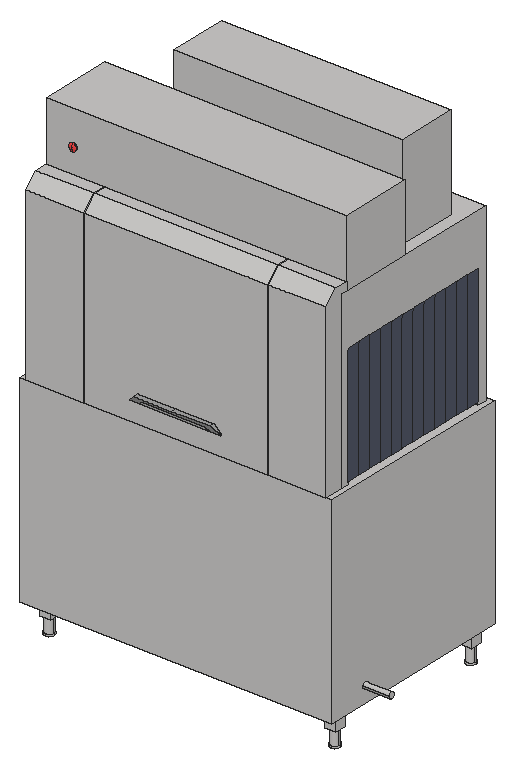
Revit family "QF_ELECTROLUXPROFESSIONAL_520423_ESR20ER5", category Specialty Equipment, Revit 2018
Family settings
  Round Connector Dimension = Use Diameter
  Part Type = Normal
  Work Plane-Based = No
  Always vertical = Yes
  Cut with Voids When Loaded = No
  Shared = No
  Room Calculation Point = No
Parameters (values of type "Standard")
  Weight = 258.00 kg
  Watts = 0 W
  Volts = 380 V
  URL Manufacturer = "http://professional.electrolux.com"
  URL = "http://professional.electrolux.com"
  Steam Supply Size = 0 mm
  Steam Supply Minimum Pressure = 0.0 Pa
  Steam Supply Maximum Pressure = 0.0 Pa
  Steam Pounds per Hour = 0
  Show Clearance [instance] = yes
  Refrigeration Suction Line Size = 0 mm
  Refrigeration Liquid Line Size = 0 mm
  Refrigerant Compressor Remote = yes
  Manufacturer = "Electrolux Professional"
  Phase = 3
  Model = "ESR20ER5"
  Length Actual = 1148 mm  # constant formula
  L_R [instance] = yes
  Item Number = "520423"
  Hot Water Size = 0 mm
  Height Actual = 1846 mm  # constant formula
  HP = "61.7 HP"
  Gas Size = 0 mm
  Gas KW = 0
  Gas Input Pressure = 0 W
  Direct Waste Size = 50.8 mm
  Description = "SINGLE RINSE RACK TYPE DISHWASHER,200 RACKS/HOUR,ELECTRIC,R>L,380-400V/50HZ/3N"
  Depth Actual = 800 mm  # constant formula
  Cycle = 50 Hz
  Condensate Return Size = 0 mm
  Compressed Air Volume = 0.0 L/s
  Compressed Air Size = 0 mm
  Compressed Air Pressure = 0.0 Pa
  Cold Water Size = 0 mm
  Accessory = yes
Types (2, lengths in mm): name | URL | Manufacturer | Phase | Model | Description
  (no name) | 0 | 0 | 0 | 0 | 0
  Standard | "http://professional.electrolux.com" | "Electrolux Professional" | 3 | "ESR20ER5" | "SINGLE RINSE RACK TYPE DISHWASHER,200 RACKS/HOUR,ELECTRIC,R>L,380-400V/50HZ/3N"
Values of the unnamed type that differ from the named types
  Volts = 0 V
  URL Manufacturer = ""
  Item Number = ""
  Cycle = 0 Hz
Reference planes
  plane 1 "Centro (Fronte/Retro)": y = 0
  plane 2: z = 0
  plane 3 "Centro (Sinistra/Destra)": x = 0
  plane 4 "LEFT": x = -574
  plane 5 "RIGHT": x = 574
  plane 6 "BACK": y = 384
  plane 7 "FRONT": y = -384
  plane 8: z = 120
  plane 9: z = 1747
  plane 10: z = 858
  plane 11: z = 1501
  plane 12: z = 1846
  plane 13: x = -526
  plane 14: x = 526
  plane 15: y = -290
  plane 16: y = 336
  plane 17: y = 369
  plane 18: x = -553
  plane 19: x = 553
  plane 20: y = -318
  plane 21: x = -338
  plane 22: x = 338
  plane 23: z = 1308
  plane 24: z = 2000
  plane 25: y = 464
Forms (mm)
  Extrusion 1, solid, material "QF_Finishes_Stainless Steel"
    sketch origin (0, 0, 0) x (1, 0, 0) y (0, 1, 0)
      loop
        line (-574, 384) -> (-574, -364) -> (574, -364) -> (574, 384) -> (-574, 384)
    from 120 to 858
  Extrusion 2, solid, material "QF_Finishes_Stainless Steel"
    sketch origin (0, 0, 0) x (1, 0, 0) y (0, 1, 0)
      loop
        line (-553, 369) -> (-553, -298) -> (553, -298) -> (553, 369) -> (-553, 369)
    from 858 to 1501
  Extrusion 3, solid, material "QF_Finishes_Stainless Steel"
    sketch origin (0, 20, 0) x (0, 1, 0) y (0, 0, 1)
      loop
        line (-384, 858) -> (-318, 858) -> (-318, 1501) -> (-290, 1501) -> (-290, 1531) -> (-340, 1531) -> (-384, 1487) -> (-384, 858)
    from -553 to -338
  Extrusion 4, solid, material "QF_Finishes_Stainless Steel"
    sketch origin (500, 20, 0) x (0, 1, 0) y (0, 0, 1)
      loop
        line (-384, 858) -> (-318, 858) -> (-318, 1501) -> (-290, 1501) -> (-290, 1531) -> (-340, 1531) -> (-384, 1487) -> (-384, 858)
    from -162 to 53
  Extrusion 5, solid, material "QF_Finishes_Stainless Steel"
    sketch origin (540, 20, 0) x (0, 1, 0) y (0, 0, 1)
      loop
        line (-384, 858) -> (-318, 858) -> (-318, 1501) -> (-290, 1501) -> (-290, 1531) -> (-340, 1531) -> (-384, 1487) -> (-384, 858)
    from -878 to -202
  Extrusion 6, solid, material "QF_Finishes_Gray"
    sketch origin (540, -364, 858) x (0, 0, 1) y (-1, 0, 0)
      loop
        line (100, 540) -> (100, 680) -> (71.716, 708.284) -> (71.716, 371.716) -> (100, 400) -> (100, 540)
    from 0 to 20
  Extrusion 7, void
    sketch origin (540, -384, 858) x (0, 0, -1) y (-1, 0, 0)
      loop
        line (-71.716, 670) -> (-85.858, 655.858) -> (-85.858, 540) -> (-85.858, 424.142) -> (-71.716, 410) -> (-71.716, 670)
    from 0 to 15.552
  Extrusion 8, void
    sketch origin (0, 0, 0) x (0, 1, 0) y (0, 0, 1)
      loop
        line (-368.448, 929.716) -> (-384, 958) -> (-384, 929.716) -> (-368.448, 929.716)
    from -266.002 to 250
  Extrusion 9, solid, material "QF_Finishes_Stainless Steel"
    sketch origin (0, 0, 0) x (1, 0, 0) y (0, 1, 0)
      loop
        line (-553, -270) -> (553, -270) -> (553, 0) -> (-553, 0) -> (-553, -270)
    from 1501 to 1747
  Revolve 10, solid, material "QF_Finishes_Red"
    sketch origin (-450, 0, 0) x (0, 1, 0) y (0, 0, 1)
      loop
        line (-270, 1624.5) -> (-270, 1629.5) -> (-275.578, 1629.5) -> (-275.578, 1638.673) -> (-276.708, 1638.673)
        arc (-276.708, 1638.673) -> (-279.647, 1631.859) -> (-280.606, 1624.5) r 26.817
        line (-280.606, 1624.5) -> (-270, 1624.5)
      axis (-270, 1624.5) -> (-280.606, 1624.5)
    angle from 0 to 360
  Extrusion 11, solid, material "QF_Finishes_Stainless Steel"
    sketch origin (0, 0, 0) x (1, 0, 0) y (0, 1, 0)
      loop
        line (509, 42) -> (509, 265) -> (-334, 265) -> (-334, 42) -> (509, 42)
    from 1501 to 1846
  Extrusion 12, void
    sketch origin (-553, -318, 0) x (0, -1, 0) y (0, 0, -1)
      loop
        line (-654, -1308) -> (-53, -1308) -> (-53, -858) -> (-654, -858) -> (-654, -1308)
    from 0 to 1106
  Extrusion 13, solid, material "QF_Finishes_Navy Blue"
    sketch origin (-553, -318, 0) x (0, 1, 0) y (0, 0, -1)
      loop
        line (653, -1308) -> (653, -868) -> (604, -868) -> (604, -1308) -> (653, -1308)
      loop
        line (53, -1308) -> (102, -1308) -> (102, -868) -> (53, -868) -> (53, -1308)
      loop
        line (602, -868) -> (554, -868) -> (554, -1308) -> (602, -1308) -> (602, -868)
      loop
        line (552, -868) -> (504, -868) -> (504, -1308) -> (552, -1308) -> (552, -868)
      loop
        line (502, -868) -> (454, -868) -> (454, -1308) -> (502, -1308) -> (502, -868)
      loop
        line (452, -868) -> (404, -868) -> (404, -1308) -> (452, -1308) -> (452, -868)
      loop
        line (402, -868) -> (354, -868) -> (354, -1308) -> (402, -1308) -> (402, -868)
      loop
        line (352, -868) -> (304, -868) -> (304, -1308) -> (352, -1308) -> (352, -868)
      loop
        line (302, -868) -> (254, -868) -> (254, -1308) -> (302, -1308) -> (302, -868)
      loop
        line (252, -868) -> (204, -868) -> (204, -1308) -> (252, -1308) -> (252, -868)
      loop
        line (202, -868) -> (154, -868) -> (154, -1308) -> (202, -1308) -> (202, -868)
      loop
        line (152, -868) -> (104, -868) -> (104, -1308) -> (152, -1308) -> (152, -868)
    from 0 to -3
  Extrusion 14, solid, material "QF_Finishes_Navy Blue"
    sketch origin (553, -318, 0) x (0, 1, 0) y (0, 0, 1)
      loop
        line (653, 1308) -> (604, 1308) -> (604, 868) -> (653, 868) -> (653, 1308)
      loop
        line (53, 1308) -> (53, 868) -> (102, 868) -> (102, 1308) -> (53, 1308)
      loop
        line (602, 868) -> (602, 1308) -> (554, 1308) -> (554, 868) -> (602, 868)
      loop
        line (552, 868) -> (552, 1308) -> (504, 1308) -> (504, 868) -> (552, 868)
      loop
        line (502, 868) -> (502, 1308) -> (454, 1308) -> (454, 868) -> (502, 868)
      loop
        line (452, 868) -> (452, 1308) -> (404, 1308) -> (404, 868) -> (452, 868)
      loop
        line (402, 868) -> (402, 1308) -> (354, 1308) -> (354, 868) -> (402, 868)
      loop
        line (352, 868) -> (352, 1308) -> (304, 1308) -> (304, 868) -> (352, 868)
      loop
        line (302, 868) -> (302, 1308) -> (254, 1308) -> (254, 868) -> (302, 868)
      loop
        line (252, 868) -> (252, 1308) -> (204, 1308) -> (204, 868) -> (252, 868)
      loop
        line (202, 868) -> (202, 1308) -> (154, 1308) -> (154, 868) -> (202, 868)
      loop
        line (152, 868) -> (152, 1308) -> (104, 1308) -> (104, 868) -> (152, 868)
    from 0 to -3
  Extrusion 15, solid, material "QF_Door-Drawer Clearances", visible <- "Show Clearance", detail levels coarse
    sketch origin (453, -119.301, 494.86) x (0, 1, 0) y (0, 0, 1)
      loop
        line (-178.699, 1036.14) -> (-178.699, 1475.14) -> (-150.699, 1475.14) -> (-150.699, 1505.14) -> (-200.699, 1505.14) -> (-244.699, 1461.14) -> (-244.699, 992.14) -> (-200.699, 1036.14) -> (-178.699, 1036.14)
    from -791 to -115
  Extrusion 16, solid, material "QF_Clearance", visible <- "Show Clearance", detail levels coarse
    sketch origin (0, 0, 0) x (1, 0, 0) y (0, 1, 0)
      loop
        line (-574, 384) -> (574, 384) -> (574, 464) -> (-574, 464) -> (-574, 384)
    from 0 to 1846
  Extrusion 17, solid, material "QF_Finishes_Stainless Steel"
    sketch origin (-553, -318, 0) x (0, 1, 0) y (0, 0, -1)
      loop
        circle (104, -183) r 10
    from 21 to 121
  Extrusion 18, solid, material "QF_Finishes_Stainless Steel"
    sketch origin (553, -318, 0) x (0, 1, 0) y (0, 0, 1)
      loop
        circle (104, 183) r 10
    from 21 to 121
  Extrusion 19, solid, material "QF_Finishes_Stainless Steel"
    sketch origin (487.887, 0, -4.4) x (-1, 0, 0) y (0, 0, 1)
      loop
        circle (943.887, 1646.362) r 10
    from 0 to 35
  Extrusion 20, solid, material "QF_Finishes_Stainless Steel"
    sketch origin (-335, 265, 6.038) x (1, 0, 0) y (0, 0, -1)
      loop
        circle (204, -1740.962) r 10
    from 0 to 10
Cuts and joins
  Extrusion 7, Extrusion 12 cuts Extrusion 2
  Extrusion 7 cuts Extrusion 5
  Extrusion 7, Extrusion 8 cuts Extrusion 6
  Extrusion 12 cuts Extrusion 1
Lines and regions (mm)
  Split face 1
    outline origin (-553, -270, 0) x (1, 0, 0) y (0, 0, 1)
      loop
        line (215, 1501) -> (215, 1747)
      loop
        line (891, 1501) -> (891, 1747)
  Split face 2
    outline origin (-553, -270, 0) x (1, 0, 0) y (0, 0, 1)
      loop
        line (215, 1651) -> (310, 1651) -> (348.837, 1604.716) -> (553, 1604.716) -> (757.163, 1604.716) -> (796, 1651) -> (891, 1651)
  Split face 3
    outline origin (-553, -270, 0) x (1, 0, 0) y (0, 0, 1)
      loop
        line (482.982, 1651) -> (482.982, 1631) -> (512.982, 1631) -> (512.982, 1651) -> (482.982, 1651)
  Split face 4
    outline origin (553, -270, 0) x (-1, 0, 0) y (0, 0, -1)
      loop
        line (455.982, -1651) -> (485.982, -1651) -> (485.982, -1631) -> (455.982, -1631) -> (455.982, -1651)
  symbolic lines
    curve 1: line (-334, 265, 0) -> (509, 265, 0)
    curve 2: line (-334, 42, 0) -> (-334, 265, 0)
    curve 3: line (509, 42, 0) -> (-334, 42, 0)
    curve 4: line (509, 265, 0) -> (509, 42, 0)
    curve 5: line (-574, 384, 0) -> (574, 384, 0)
    curve 6: line (574, 384, 0) -> (574, -364, 0)
    curve 7: line (574, -364, 0) -> (-574, -364, 0)
    curve 8: line (-574, -364, 0) -> (-574, 384, 0)
    curve 9: line (-553, -364, 0) -> (-553, 369, 0)
    curve 10: line (-553, 369, 0) -> (553, 369, 0)
    curve 11: line (553, 369, 0) -> (553, -364, 0)
    curve 12: line (553, -320, 0) -> (-553, -320, 0)
    curve 13: line (-338, -364, 0) -> (-338, -270, 0)
    curve 14: line (-553, -270, 0) -> (553, -270, 0)
    curve 15: line (338, -364, 0) -> (338, -270, 0)
    curve 16: line (526, 0, 0) -> (-553, 0, 0)
    curve 23: line (-168.284, -364, 0) -> (-168.284, -368.448, 0)
    curve 24: line (-168.284, -368.448, 0) -> (-140, -384, 0)
    curve 25: line (-140, -384, 0) -> (140, -384, 0)
    curve 26: line (140, -384, 0) -> (168.284, -368.448, 0)
    curve 27: line (168.284, -368.448, 0) -> (168.284, -364, 0)
  symbolic lines, style "QF_Clearances"
    curve 17: line (-574, 384, 0) -> (-574, 464, 0)
    curve 18: line (-574, 464, 0) -> (574, 464, 0)
    curve 19: line (574, 384, 0) -> (574, 464, 0)
  symbolic lines, style "SpecialityEquipment"
    curve 20: line (-100, 129, 0) -> (100, 129, 0)
  symbolic lines, style "SpecialityEquipment", visible <- "L_R"
    curve 21: line (-100, 129, 0) -> (-50.207, 87.219, 0)
    curve 22: line (-100, 129, 0) -> (-50.207, 170.781, 0)
Dimensions and locks
  equal spacing: plane 4 "LEFT", plane 3 "Centro (Sinistra/Destra)", plane 5 "RIGHT"
  plane 4 "LEFT" to plane 5 "RIGHT" = 1148 mm
  equal spacing: plane 6 "BACK", plane 1 "Centro (Fronte/Retro)", plane 7 "FRONT"
  plane 6 "BACK" to plane 7 "FRONT" = 768 mm
  plane 12 to plane 9 to plane 11 to plane 10 to plane 8 to plane 2 = 99 mm, 246 mm, 643 mm, 738 mm, 120 mm
  plane 12 to plane 2 = 1846 mm
  locked: plane 4 "LEFT" to plane 13 at 48
  locked: plane 14 to plane 5 "RIGHT" at 48
  locked: plane 6 "BACK" to plane 16 at 48
  locked: plane 15 to plane 7 "FRONT" at 94
  locked: plane 6 "BACK" to plane 17 at 15
  locked: plane 4 "LEFT" to plane 18 at 21
  locked: plane 19 to plane 5 "RIGHT" at 21
  locked: plane 20 to plane 7 "FRONT" at 66
  locked: plane 21 to plane 18 at 215
  locked: plane 19 to plane 22 at 215
  locked: plane 23 to plane 10 at 450
  plane 24 to plane 2 = 2000 mm
  locked: plane 6 "BACK" to plane 25 at 80
  plane 9 to plane 2 = 1747 mm
  aligned and locked: level to plane 2
  aligned and locked: plane 13 to nested 1
  aligned and locked: nested 1 to plane 15
  aligned and locked: nested 2 to plane 16
  aligned and locked: plane 14 to nested 3
  aligned and locked: nested 4 to plane 16
  aligned and locked: plane 14 to nested 4
  aligned and locked: Extrusion 1 sketch curve to plane 6 "BACK"
  aligned and locked: plane 4 "LEFT" to Extrusion 1 sketch curve
  aligned and locked: Extrusion 1 sketch curve to plane 5 "RIGHT"
  aligned and locked: plane 18 to Extrusion 2 sketch curve
  aligned and locked: Extrusion 2 sketch curve to plane 19
  aligned and locked: Extrusion 2 sketch curve to plane 17
  aligned and locked: Extrusion 3 to plane 18
  aligned and locked: plane 21 to Extrusion 3
  aligned and locked: plane 19 to Extrusion 4
  aligned and locked: Extrusion 4 to plane 22
  aligned and locked: Extrusion 5 to plane 21
  aligned and locked: plane 22 to Extrusion 5
  aligned and locked: Extrusion 2 to Extrusion 3
  aligned and locked: Extrusion 1 to Extrusion 3
  aligned and locked: Extrusion 9 sketch curve to Extrusion 3
  aligned and locked: Extrusion 9 sketch curve to plane 18
  aligned and locked: Extrusion 9 sketch curve to plane 1 "Centro (Fronte/Retro)"
  aligned and locked: plane 19 to Extrusion 12
  aligned and locked: plane 4 "LEFT" to Extrusion 17
  aligned and locked: plane 19 to Extrusion 9
  aligned and locked: Extrusion 16 to plane 25
  aligned and locked: plane 9 to Extrusion 9
Automatic sketch dimensions
  plane 7 "FRONT" to Extrusion 1 sketch curve = 20 mm
  Extrusion 2 sketch curve to plane 15 = 8 mm
  Extrusion 3 sketch curve to plane 10 = 0 mm
  Extrusion 3 sketch curve to plane 11 = 0 mm
  plane 7 "FRONT" to Extrusion 3 sketch curve = 20 mm
  Extrusion 3 sketch curve to plane 20 = 2 mm
  Extrusion 3 sketch curve to plane 15 = 8 mm
  plane 15 to Extrusion 3 sketch curve = 20 mm
  Extrusion 3 sketch curve to plane 11 = 14 mm
  plane 11 to Extrusion 3 sketch curve = 30 mm
  Extrusion 4 sketch curve to plane 10 = 0 mm
  Extrusion 4 sketch curve to plane 11 = 0 mm
  plane 7 "FRONT" to Extrusion 4 sketch curve = 20 mm
  Extrusion 4 sketch curve to plane 20 = 2 mm
  Extrusion 4 sketch curve to plane 15 = 8 mm
  plane 15 to Extrusion 4 sketch curve = 20 mm
  Extrusion 4 sketch curve to plane 11 = 14 mm
  plane 11 to Extrusion 4 sketch curve = 30 mm
  Extrusion 5 sketch curve to plane 10 = 0 mm
  Extrusion 5 sketch curve to plane 11 = 0 mm
  plane 7 "FRONT" to Extrusion 5 sketch curve = 20 mm
  Extrusion 5 sketch curve to plane 20 = 2 mm
  Extrusion 5 sketch curve to plane 15 = 8 mm
  plane 15 to Extrusion 5 sketch curve = 20 mm
  Extrusion 5 sketch curve to plane 11 = 14 mm
  plane 11 to Extrusion 5 sketch curve = 30 mm
  Extrusion 6 sketch curve to plane 3 "Centro (Sinistra/Destra)" = 0 mm
  plane 10 to Extrusion 6 sketch curve = 71.716 mm
  Extrusion 6 sketch curve to Extrusion 6 sketch curve = 28.284 mm  (x3)
  plane 3 "Centro (Sinistra/Destra)" to Extrusion 6 sketch curve = 140 mm
  Extrusion 6 sketch curve to Extrusion 6 sketch curve = 140 mm
  Extrusion 7 sketch curve to Extrusion 6 = 0 mm
  Extrusion 6 to Extrusion 7 sketch curve = 14.142 mm
  Extrusion 6 to Extrusion 7 sketch curve = 27.071 mm
  Extrusion 7 sketch curve to Extrusion 7 sketch curve = 14.142 mm  (x2)
  Extrusion 7 sketch curve to Extrusion 7 sketch curve = 115.858 mm  (x2)
  Extrusion 8 sketch curve to plane 7 "FRONT" = 0 mm
  plane 7 "FRONT" to Extrusion 8 sketch curve = 15.552 mm
  plane 10 to Extrusion 8 sketch curve = 71.716 mm
  Extrusion 8 sketch curve to Extrusion 8 sketch curve = 28.284 mm
  Extrusion 9 sketch curve to plane 19 = 0 mm
  Split face 1 sketch curve to Extrusion 9 = 0 mm  (x4)
  Split face 1 sketch curve to Extrusion 9 = 215 mm  (x2)
  Split face 2 sketch curve to Extrusion 9 = 96 mm  (x2)
  Split face 2 sketch curve to Extrusion 9 = 310 mm
  Split face 2 sketch curve to Split face 2 sketch curve = 38.837 mm  (x2)
  Split face 2 sketch curve to Split face 2 sketch curve = 204.163 mm  (x2)
  Split face 2 sketch curve to Extrusion 9 = 103.716 mm
  Split face 2 sketch curve to Split face 2 sketch curve = 95 mm  (x2)
  Split face 3 sketch curve to Extrusion 9 = 116 mm
  Split face 3 sketch curve to Extrusion 9 = 482.982 mm
  Split face 3 sketch curve to Split face 3 sketch curve = 30 mm
  Split face 3 sketch curve to Split face 3 sketch curve = 20 mm
  Split face 4 sketch curve to Extrusion 9 = 116 mm
  Split face 4 sketch curve to Extrusion 9 = 455.982 mm
  Split face 4 sketch curve to Split face 4 sketch curve = 30 mm
  Split face 4 sketch curve to Split face 4 sketch curve = 20 mm
  plane 15 to Revolve 10 sketch curve = 9.394 mm
  plane 15 to Revolve 10 sketch curve = 13.292 mm
  Revolve 10 sketch curve to Revolve 10 sketch curve = 5.028 mm
  Revolve 10 sketch curve to Revolve 10 sketch curve = 5.578 mm
  Revolve 10 sketch curve to Revolve 10 sketch curve = 16.21 mm
  Revolve 10 sketch curve to plane 9 = 122.5 mm  (x2)
  Revolve 10 sketch curve to Revolve 10 sketch curve = 0.248 mm
  Revolve 10 sketch curve to Revolve 10 sketch curve = 5 mm
  Revolve 10 sketch curve to plane 7 "FRONT" = 66 mm
  Revolve 10 sketch curve to Revolve 10 sketch curve = 0 mm
  plane 21 to Extrusion 11 sketch curve = 4 mm
  Extrusion 11 sketch curve to plane 14 = 17 mm
  Extrusion 11 sketch curve to plane 1 "Centro (Fronte/Retro)" = 42 mm
  Extrusion 11 sketch curve to plane 16 = 71 mm
  Extrusion 2 to Extrusion 12 sketch curve = 0 mm
  Extrusion 12 sketch curve to Extrusion 2 = 33 mm
  Extrusion 2 to Extrusion 12 sketch curve = 33 mm
  Extrusion 12 sketch curve to Extrusion 2 = 193 mm
  Extrusion 2 to Extrusion 13 sketch curve = 10 mm  (x9)
  Extrusion 13 sketch curve to Extrusion 2 = 33 mm
  Extrusion 13 sketch curve to Extrusion 13 sketch curve = 49 mm
  Extrusion 13 sketch curve to Extrusion 13 sketch curve = 2 mm  (x11)
  Extrusion 13 sketch curve to Extrusion 13 sketch curve = 48 mm  (x10)
  Extrusion 2 to Extrusion 13 sketch curve = 34 mm
  Extrusion 13 sketch curve to Extrusion 13 sketch curve = 0 mm  (x13)
  Extrusion 2 to Extrusion 13 sketch curve = 193 mm  (x2)
  Extrusion 14 sketch curve to plane 23 = 0 mm  (x12)
  plane 10 to Extrusion 14 sketch curve = 10 mm  (x9)
  plane 15 to Extrusion 14 sketch curve = 25 mm
  Extrusion 14 sketch curve to Extrusion 14 sketch curve = 49 mm
  Extrusion 14 sketch curve to Extrusion 14 sketch curve = 2 mm  (x11)
  Extrusion 14 sketch curve to Extrusion 14 sketch curve = 48 mm  (x8)
  plane 1 "Centro (Fronte/Retro)" to Extrusion 14 sketch curve = 16 mm
  Extrusion 14 sketch curve to plane 1 "Centro (Fronte/Retro)" = 34 mm
  Extrusion 14 sketch curve to plane 16 = 1 mm
  Extrusion 14 sketch curve to Extrusion 14 sketch curve = 0 mm  (x3)
  Extrusion 15 sketch curve to plane 24 = 0 mm
  plane 7 "FRONT" to Extrusion 15 sketch curve = 20 mm
  Extrusion 15 sketch curve to plane 20 = 2 mm  (x2)
  Extrusion 15 sketch curve to plane 15 = 8 mm
  plane 15 to Extrusion 15 sketch curve = 20 mm
  Extrusion 15 sketch curve to plane 24 = 30 mm
  Extrusion 15 sketch curve to plane 24 = 44 mm
  plane 11 to Extrusion 15 sketch curve = 30 mm
  Extrusion 15 sketch curve to plane 11 = 14 mm
  Extrusion 16 sketch curve to plane 4 "LEFT" = 0 mm
  Extrusion 16 sketch curve to plane 5 "RIGHT" = 0 mm
  Extrusion 16 sketch curve to plane 6 "BACK" = 0 mm
  plane 25 to Extrusion 16 sketch curve = 0 mm
  Extrusion 17 sketch curve to Extrusion 2 = 84 mm
  Extrusion 17 sketch curve to Extrusion 2 = 675 mm
  plane 15 to Extrusion 18 sketch curve = 76 mm
  plane 8 to Extrusion 18 sketch curve = 63 mm
  plane 13 to Extrusion 19 sketch curve = 70 mm
  Extrusion 19 sketch curve to plane 9 = 105.038 mm
  Extrusion 11 to Extrusion 20 sketch curve = 99 mm
  Extrusion 20 sketch curve to Extrusion 11 = 203 mm
  curve 18 to plane 4 "LEFT" = 0 mm
  curve 12 to plane 18 = 0 mm
  curve 13 to plane 21 = 0 mm
  curve 24 to plane 7 "FRONT" = 0 mm
  curve 15 to plane 22 = 0 mm
  plane 1 "Centro (Fronte/Retro)" to curve 16 = 0 mm
  curve 16 to plane 14 = 0 mm
  plane 17 to curve 11 = 0 mm
  curve 11 to plane 19 = 0 mm
  curve 5 to plane 5 "RIGHT" = 0 mm
  curve 5 to plane 6 "BACK" = 0 mm
  plane 25 to curve 18 = 0 mm
  plane 21 to curve 2 = 4 mm
  plane 7 "FRONT" to curve 24 = 15.552 mm
  curve 24 to plane 3 "Centro (Sinistra/Destra)" = 168.284 mm
  curve 23 to curve 24 = 28.284 mm
  curve 22 to plane 3 "Centro (Sinistra/Destra)" = 100 mm
  plane 3 "Centro (Sinistra/Destra)" to curve 25 = 140 mm
  curve 4 to plane 14 = 17 mm
  curve 2 to plane 1 "Centro (Fronte/Retro)" = 42 mm
  curve 22 to plane 1 "Centro (Fronte/Retro)" = 129 mm
  curve 1 to plane 16 = 71 mm
  curve 22 to plane 3 "Centro (Sinistra/Destra)" = 50.207 mm
  curve 21 to plane 3 "Centro (Sinistra/Destra)" = 50.207 mm
  plane 3 "Centro (Sinistra/Destra)" to curve 20 = 100 mm
  curve 25 to curve 27 = 28.284 mm
  plane 7 "FRONT" to curve 26 = 15.552 mm
  curve 26 to curve 27 = 4.448 mm
  curve 12 to plane 20 = 2 mm
  plane 15 to curve 15 = 20 mm
  curve 21 to curve 20 = 41.781 mm
  curve 20 to curve 22 = 41.781 mm
  radius of Extrusion 17 sketch curve = 10 mm
  radius of Extrusion 18 sketch curve = 10 mm
  radius of Extrusion 19 sketch curve = 10 mm
  radius of Extrusion 20 sketch curve = 10 mm
Nested families
  nested 1: "Foot_40x40_H150" at (-526, -290, 0), type "Foot_40x40_H150"
  nested 2: "Foot_40x40_H150" at (-526, 336, 0), type "Foot_40x40_H150"
  nested 3: "Foot_40x40_H150" at (526, -290, 0), type "Foot_40x40_H150"
  nested 4: "Foot_40x40_H150" at (526, 336, 0), type "Foot_40x40_H150"
Connectors
  piping at (-674, -214, 183), diameter 20
    settings: on Extrusion 17, index 1, connector inside diameter 609.6 mm, connector length 0 mm, flow factor 0, pipe flow 0.0 L/s, pressure drop 0.0 Pa, fitting loss kfactor 0, connector angle 0.00°, fixture units 0, engagement length 0 mm, angle of deflection 0.00°, flow configuration 1, flow direction 2, fitting loss method 0, system type 16, joint type 0, gender type 0, connector reference index -1, connector utility 0, adjustable connector no, is connector primary yes, connector description "Drain"
  piping at (674, -214, 183), diameter 20
    settings: on Extrusion 18, index 2, connector inside diameter 609.6 mm, connector length 0 mm, flow factor 0, pipe flow 0.0 L/s, pressure drop 0.0 Pa, fitting loss kfactor 0, connector angle 0.00°, fixture units 0, engagement length 0 mm, angle of deflection 0.00°, flow configuration 1, flow direction 2, fitting loss method 0, system type 16, joint type 0, gender type 0, connector reference index -1, connector utility 0, adjustable connector no, is connector primary no, connector description "Drain"
  electrical at (-456, 35, 1641.962)
    settings: on Extrusion 19, index 3, voltage 0 V, apparent load 0 VA, apparent load phase1 0 VA, apparent load phase2 0 VA, apparent load phase3 0 VA, power factor 1, load classification "Altro", number of poles 1, system type 30, power factor state 1, is connector primary yes, connector utility no, sub classification motor no, connector description "Electrical"
  piping at (-131, 275, 1747), diameter 609.6
    settings: on Extrusion 20, index 4, connector inside diameter 609.6 mm, connector length 0 mm, flow factor 0, pipe flow 0.0 L/s, pressure drop 0.0 Pa, fitting loss kfactor 0, connector angle 0.00°, fixture units 0, engagement length 0 mm, angle of deflection 0.00°, flow configuration 0, flow direction 0, fitting loss method 0, system type 20, joint type 0, gender type 0, connector reference index -1, connector utility 0, adjustable connector no, is connector primary no, connector description "Cold Water"
Definition of nested family "Foot_40x40_H150"
  Reference planes
    plane 1 "Centro (Fronte/Retro)": y = 0
    plane 2: z = 0
    plane 3 "Centro (Sinistra/Destra)": x = 0
    plane 4: z = 120
  Forms (mm)
    Extrusion 1, solid
      sketch origin (0, 0, 0) x (1, 0, 0) y (0, 1, 0)
        loop
          circle (0, 0) r 18
      from 0 to 5
    Extrusion 2, solid
      sketch origin (0, 0, 5) x (1, 0, 0) y (0, 1, 0)
        loop
          circle (0, 0) r 15
      from 0 to 55
    Extrusion 3, solid
      sketch origin (0, 0, 60) x (1, 0, 0) y (0, 1, 0)
        loop
          line (-20, 20) -> (-20, -20) -> (20, -20) -> (20, 20) -> (-20, 20)
      from 0 to 60
  Dimensions and locks
    aligned and locked: level to plane 2
    aligned and locked: plane 4 to Extrusion 3
    aligned and locked: Extrusion 1 to level
